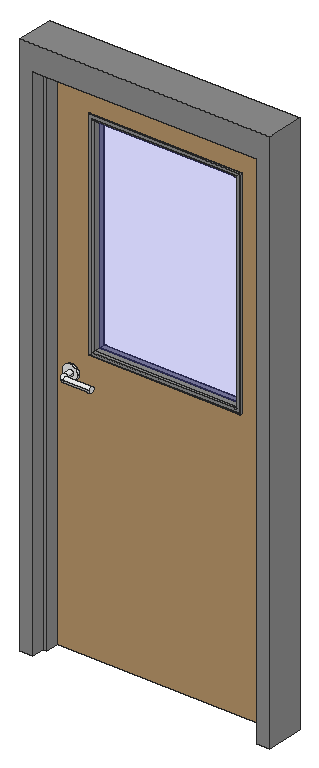
Revit family "M_Porta-Passagem-Única-Leve_Uma", category Portas, Revit 2019
Family settings
  Hospedeiro = Parede
  Número OmniClass = 23.30.10.00
  Título OmniClass = Doors
  Sempre na vertical = Sim
  Corte com vazios quando carregada = Não
  Compartilhado = Não
  Ponto de cálculo do ambiente = Não
Parameters
  Visual Light Transmittance = 0
  Espessura = 45 mm
  Resistência térmica (R) = 0.455703 (m²·K)/W
  Ângulo de abertura [instance] = 90.00°
  Altura do traçado = 1000 mm
  Solar Heat Gain Coefficient = 0
  Rough Width [instance] = Width + Largura da abertura MF  # 1000 mm
  Rough Height [instance] = Height + Altura da abertura MF  # 2200 mm
  Material do painel = Madeira - Bétula
  Moldura de alvenaria [instance] = yes
  Altura da abertura MF [instance] = if(Moldura de alvenaria, 100 mm, 30 mm)  # 100 mm
  Largura da abertura MF [instance] = if(Moldura de alvenaria, 100 mm, 60 mm)  # 100 mm
  Calcular inserção [instance] = if(Moldura de alvenaria, Inserção de alvenaria + 80 mm, 80 mm)  # 105 mm
  Inserção de alvenaria [instance] = 25 mm
  Height = 2100 mm
  Fechamento da parede = Por hospedeiro
  Width = 900 mm
  Coeficiente de transferência de calor (U) = 2.19465 W/(m²·K)
  Vidraça = Vidro
  Material de proteção de vidro = Metal - Acabamento de pintura - Cinza
  Função = Exterior
  Material da moldura = Metal - Acabamento de pintura - Cinza
  Profundidade da moldura de alvenaria = 150 mm
  Moldura de Dry Wall [instance] = not(Moldura de alvenaria)  # no
  Material da maçaneta = Alumín. 1
  Código de montagem = "B2030100"
  Construção analítica = "Madeira"
Reference planes
  plane 1 "Centro (Frente/Trás)": y = 0
  plane 2 "Centro (Esquerda/Direita)": x = 0
  plane 3 "Esquerda": x = -500
  plane 4 "Direita": x = 500
  plane 5 "Superior": z = 2200
  plane 6 "Exterior": y = 107.95
  plane 7 "Interior": y = -95.25
  plane 8 "Painel esquerdo da porta": x = -450
  plane 9 "Painel direito da porta": x = 450
  plane 10 "Topo do painel": z = 2100
  plane 11: z = 0
  plane 12: z = 0
  plane 13 "Traseira da porta": y = 37.95
  plane 14: z = 1000
  plane 15 "Frente da porta": y = 82.95
  plane 16: y = -67.05
  plane 17: y = 33.187
  plane 18: x = -434.125
  plane 19: y = -17.838
  plane 20: z = 2149.2
  plane 21: y = 187.95
  plane 22: z = 2150
  plane 23: x = 470.05
  plane 24: x = 519.05
  plane 25: y = 120.65
  plane 26: y = -107.95
  plane 27: x = 454.175
  plane 28: y = 33.187
  plane 29: y = -4.913
  plane 30: z = 1947.6
  plane 31: z = 1095.25
  plane 32: x = -297.6
  plane 33: x = 297.6
  plane 34: y = 63.625
  plane 35: y = 57.275
  plane 36: y = 60.45
  plane 37 "Vidro": y = 60.45
Forms (mm)
  Extrusion 1, solid, material "Madeira - Bétula" <- "Material do painel"
    sketch origin (0, 0, 0) x (1, 0, 0) y (0, 0, 1)
      loop
        line (450, 2100) -> (-450, 2100) -> (-450, 0) -> (450, 0) -> (450, 2100)
      loop
        line (297.6, 1947.6) -> (-297.6, 1947.6) -> (-297.6, 1095.25) -> (297.6, 1095.25) -> (297.6, 1947.6)
    from -82.95 to -37.95
  Sweep 2, solid, material "Metal - Acabamento de pintura - Cinza" <- "Material da moldura", visible <- "Moldura de alvenaria"
    path origin (0, 107.95, 0) x (1, 0, 0) y (0, 0, 1)
      loop
        line (500, 0) -> (500, 2150) -> (-500, 2150) -> (-500, 0)
    profile origin (-500, 107.95, 1075) x (0, -1, 0) y (1, 0, 0)
      loop
        line (25, 50) -> (25, 0) -> (175, 0) -> (175, 50) -> (125.787, 50) -> (125.787, 65.875) -> (74.762, 65.875) -> (74.762, 50) -> (25, 50)
  Extrusion 3, solid, material "Metal - Acabamento de pintura - Cinza" <- "Material da moldura", visible <- "Moldura de alvenaria"
    sketch origin (0, 0, 0) x (0, 1, 0) y (0, 0, 1)
      loop
        line (82.95, 2200) -> (-67.05, 2200) -> (-67.05, 2149.2) -> (82.95, 2149.2) -> (82.95, 2200)
    from -500 to 500
  Sweep 4, solid, material "Metal - Acabamento de pintura - Cinza" <- "Material da moldura", visible <- "Moldura de Dry Wall"
    path origin (0, 107.95, 0) x (1, 0, 0) y (0, 0, 1)
      loop
        line (500, 0) -> (500, 2200) -> (-500, 2200) -> (-500, 0)
    profile origin (500, 107.95, 1100) x (-1, 0, 0) y (0, -1, 0)
      loop
        line (-19.05, -12.7) -> (29.95, -12.7) -> (29.95, 74.762) -> (45.825, 74.762) -> (45.825, 112.862) -> (29.95, 112.862) -> (29.95, 215.9) -> (-19.05, 215.9) -> (-19.05, 203.2) -> (0, 203.2) -> (0, 0) -> (-19.05, 0) -> (-19.05, -12.7)
  Extrusion 5, solid, material "Vidro" <- "Vidraça"
    sketch origin (0, 60.45, 0) x (1, 0, 0) y (0, 0, 1)
      loop
        line (297.6, 1947.6) -> (-297.6, 1947.6) -> (-297.6, 1095.25) -> (297.6, 1095.25) -> (297.6, 1947.6)
    from -2.5 to 2.5
  Sweep 6, solid, material "Metal - Acabamento de pintura - Cinza" <- "Material de proteção de vidro", detail levels fine
    path origin (0, 82.95, 0) x (-1, 0, 0) y (0, 0, 1)
      loop
        line (-297.6, 1947.6) -> (-297.6, 1095.25) -> (297.6, 1095.25) -> (297.6, 1947.6) -> (-297.6, 1947.6)
    profile "Cantoneira de vidraça : Cantoneira de vidraça" origin (0, 82.95, 1947.6) x (0, 0, 1) y (0, 1, 0)
      loop
        line (0, 0) -> (8, 0) -> (8, 4)
        arc (8, 4) -> (7.414, 5.414) -> (6, 6) r 2
        line (6, 6) -> (-7, 6)
        arc (-7, 6) -> (-10.536, 4.536) -> (-12, 1) r 5
        line (-12, 1) -> (-12, -20) -> (0, -20) -> (0, 0)
  Sweep 7, solid, material "Metal - Acabamento de pintura - Cinza" <- "Material de proteção de vidro", detail levels fine
    path origin (0, 37.95, 0) x (-1, 0, 0) y (0, 0, 1)
      loop
        line (-297.6, 1095.25) -> (297.6, 1095.25) -> (297.6, 1947.6) -> (-297.6, 1947.6) -> (-297.6, 1095.25)
    profile "Cantoneira de vidraça : Cantoneira de vidraça" origin (0, 37.95, 1095.25) x (0, 0, 1) y (0, 1, 0)
      loop
        line (0, 0) -> (-8, 0) -> (-8, -4)
        arc (-8, -4) -> (-7.414, -5.414) -> (-6, -6) r 2
        line (-6, -6) -> (7, -6)
        arc (7, -6) -> (10.536, -4.536) -> (12, -1) r 5
        line (12, -1) -> (12, 20) -> (0, 20) -> (0, 0)
Cuts and joins
  joined: Sweep 2, Extrusion 3
Lines and regions (mm)
  Opening 1
    outline origin (-2286, -95.25, 0) x (1, 0, 0) y (0, 0, 1)
      loop
        line (1786, 0) -> (2786, 0) -> (2786, 2200) -> (1786, 2200) -> (1786, 0)
  Masking region 1, visible <- "Moldura de alvenaria", detail levels coarse+medium
    outline origin (0, 0, 0) x (1, 0, 0) y (0, 1, 0)
      loop
        line (-500, 82.95) -> (-500, -67.05) -> (-450, -67.05) -> (-450, 82.95) -> (-500, 82.95)
      loop
        line (500, 82.95) -> (450, 82.95) -> (450, -67.05) -> (500, -67.05) -> (500, 82.95)
  Masking region 2, visible <- "Moldura de alvenaria", detail levels fine
    outline origin (0, 0, 0) x (1, 0, 0) y (0, 1, 0)
      loop
        line (-500, 82.95) -> (-500, -67.05) -> (-450, -67.05) -> (-450, -17.838) -> (-434.125, -17.838) -> (-434.125, 33.187) -> (-450, 33.187) -> (-450, 82.95) -> (-500, 82.95)
      loop
        line (500, 82.95) -> (450, 82.95) -> (450, 33.187) -> (434.125, 33.187) -> (434.125, -17.838) -> (450, -17.838) -> (450, -67.05) -> (500, -67.05) -> (500, 82.95)
  Masking region 3, visible <- "Moldura de Dry Wall", detail levels coarse+medium
    outline origin (0, 0, 0) x (1, 0, 0) y (0, 1, 0)
      loop
        line (470.05, -95.25) -> (500, -95.25) -> (500, 107.95) -> (470.05, 107.95) -> (470.05, -95.25)
      loop
        line (-500, 107.95) -> (-500, -95.25) -> (-470.05, -95.25) -> (-470.05, 107.95) -> (-500, 107.95)
  Masking region 4, visible <- "Moldura de Dry Wall", detail levels fine
    outline origin (0, 0, 0) x (1, 0, 0) y (0, 1, 0)
      loop
        line (-519.05, 120.65) -> (-519.05, 107.95) -> (-500, 107.95) -> (-500, -95.25) -> (-519.05, -95.25) -> (-519.05, -107.95) -> (-470.05, -107.95) -> (-470.05, -4.913) -> (-454.175, -4.913) -> (-454.175, 33.187) -> (-470.05, 33.187) -> (-470.05, 120.65) -> (-519.05, 120.65)
      loop
        line (519.05, 107.95) -> (519.05, 120.65) -> (470.05, 120.65) -> (470.05, 33.187) -> (454.175, 33.187) -> (454.175, -4.913) -> (470.05, -4.913) -> (470.05, -107.95) -> (519.05, -107.95) -> (519.05, -95.25) -> (500, -95.25) -> (500, 107.95) -> (519.05, 107.95)
  symbolic lines, style "Giro da elevação"
    curve 1: line (-450, 107.95, 2100) -> (450, 107.95, 1050)
    curve 2: line (450, 107.95, 1050) -> (-450, 107.95, 0)
  symbolic lines, style "DoorsGlassProjection"
    curve 3: line (0, 60.45, 1947.6) -> (0, 60.45, 1095.25)
  model lines, style "DoorsGlassProjection"
    curve 4: line (297.6, 60.45, 1947.6) -> (297.6, 60.45, 1095.25)
    curve 5: line (-297.6, 60.45, 1947.6) -> (-297.6, 60.45, 1095.25)
Text (mm)
  text "Exterior" at (-1904.17, 693.701, 0), in view "Nível de referência"
  text "Interior" at (-1904.17, -638.649, 0), in view "Nível de referência"
  text "Exterior" at (0, 1019.848, 3124.603), in view "Direita"
  text "Interior" at (0, -1635.541, 3124.603), in view "Direita"
  text "Interior" at (0, -787.806, 3124.376), in view "Esquerda"
  text "Exterior" at (0, 1386.095, 3124.376), in view "Esquerda"
Dimensions and locks
  equal spacing: plane 3 "Esquerda", plane 2 "Centro (Esquerda/Direita)", plane 4 "Direita"
  "Rough Height": level to plane 5 "Superior"
  equal spacing: plane 8 "Painel esquerdo da porta", plane 2 "Centro (Esquerda/Direita)", plane 9 "Painel direito da porta"
  "Width": plane 8 "Painel esquerdo da porta" to plane 9 "Painel direito da porta"
  "Height": level to plane 10 "Topo do painel"
  plane 11 to plane 12 = 0 mm
  "Rough Width": plane 3 "Esquerda" to plane 4 "Direita"
  equal spacing: plane 12, curve 2, plane 10 "Topo do painel"
  "Espessura": plane 15 "Frente da porta" to plane 13 "Traseira da porta"
  "Profundidade da moldura de alvenaria": plane 15 "Frente da porta" to plane 16
  locked: plane 13 "Traseira da porta" to plane 17 at 4.763
  locked: plane 16 to plane 19 at 49.213
  locked: plane 8 "Painel esquerdo da porta" to plane 18 at 15.875
  locked: plane 20 to plane 5 "Superior" at 50.8
  locked: plane 6 "Exterior" to plane 21 at 80
  "Calcular inserção": plane 21 to plane 15 "Frente da porta"
  locked: plane 10 "Topo do painel" to plane 22 at 50
  locked: plane 4 "Direita" to plane 24 at 19.05
  locked: plane 6 "Exterior" to plane 25 at 12.7
  locked: plane 26 to plane 7 "Interior" at 12.7
  locked: plane 23 to plane 24 at 49
  plane 13 "Traseira da porta" to plane 28 to plane 29 = 4.762 mm locked, 38.1 mm locked
  locked: plane 27 to plane 23 at 15.875
  "Altura do traçado": plane 11 to plane 14
  locked: plane 30 to plane 10 "Topo do painel" at 152.4
  locked: plane 8 "Painel esquerdo da porta" to plane 32 at 152.4
  equal spacing: plane 15 "Frente da porta", plane 36, plane 13 "Traseira da porta"
  locked: plane 36 to plane 35 at 3.175
  locked: plane 34 to plane 36 at 3.175
  locked: plane 33 to plane 9 "Painel direito da porta" at 152.4
  locked: plane 14 to plane 31 at 95.25
  equal spacing: plane 15 "Frente da porta", curve 3, plane 13 "Traseira da porta"
  equal spacing: plane 15 "Frente da porta", plane 37 "Vidro", plane 13 "Traseira da porta"
  aligned and locked: plane 3 "Esquerda" to Opening 1 sketch curve
  aligned and locked: plane 5 "Superior" to Opening 1 sketch curve  (x2)
  aligned and locked: Opening 1 sketch curve to plane 4 "Direita"
  aligned and locked: Opening 1 sketch curve to level
  aligned and locked: plane 6 "Exterior" to host wall
  aligned and locked: plane 7 "Interior" to host wall
  aligned and locked: plane 11 to level
  aligned and locked: Extrusion 1 sketch curve to plane 10 "Topo do painel"
  aligned and locked: Extrusion 1 sketch curve to plane 8 "Painel esquerdo da porta"
  aligned and locked: plane 9 "Painel direito da porta" to Extrusion 1 sketch curve
  aligned and locked: Extrusion 1 sketch curve to plane 12
  aligned and locked: Extrusion 1 to plane 13 "Traseira da porta"
  aligned and locked: nested 1 to plane 9 "Painel direito da porta"
  aligned and locked: nested 2 to plane 8 "Painel esquerdo da porta"
  aligned and locked: nested 2 to plane 14
  aligned and locked: plane 8 "Painel esquerdo da porta" to nested 3
  aligned and locked: nested 3 to plane 13 "Traseira da porta"
  aligned and locked: plane 14 to nested 3
  aligned and locked: nested 1 to plane 15 "Frente da porta"
  aligned and locked: nested 2 to plane 15 "Frente da porta"
  aligned and locked: Extrusion 1 to nested 1
  aligned and locked: Sweep 2 sketch curve to plane 3 "Esquerda"  (x2)
  aligned and locked: plane 11 to Sweep 2 sketch curve  (x2)
  aligned and locked: plane 18 to Sweep 2 sketch curve
  aligned and locked: plane 8 "Painel esquerdo da porta" to Sweep 2 sketch curve  (x2)
  aligned and locked: plane 17 to Sweep 2 sketch curve
  aligned and locked: Sweep 2 sketch curve to plane 19
  aligned and locked: Sweep 2 sketch curve to plane 16
  aligned and locked: Sweep 2 sketch curve to plane 15 "Frente da porta"
  aligned and locked: Sweep 2 sketch curve to plane 4 "Direita"
  aligned and locked: plane 5 "Superior" to Extrusion 3 sketch curve
  aligned and locked: Extrusion 3 sketch curve to plane 16
  aligned and locked: Extrusion 3 sketch curve to plane 15 "Frente da porta"
  aligned and locked: plane 20 to Extrusion 3 sketch curve
  aligned and locked: cut or joined group of Sweep 2, Extrusion 3 to plane 4 "Direita"
  aligned and locked: plane 3 "Esquerda" to cut or joined group of Sweep 2, Extrusion 3
  aligned and locked: Masking region 1 sketch curve to plane 15 "Frente da porta"
  aligned and locked: plane 8 "Painel esquerdo da porta" to Masking region 1 sketch curve
  aligned and locked: Masking region 1 sketch curve to plane 16
  aligned and locked: Masking region 1 sketch curve to plane 3 "Esquerda"
  aligned and locked: plane 15 "Frente da porta" to Masking region 1 sketch curve
  aligned and locked: Masking region 1 sketch curve to plane 4 "Direita"
  aligned and locked: plane 9 "Painel direito da porta" to Masking region 1 sketch curve
  aligned and locked: plane 16 to Masking region 1 sketch curve
  aligned and locked: Masking region 2 sketch curve to plane 3 "Esquerda"
  aligned and locked: Masking region 2 sketch curve to plane 16
  aligned and locked: plane 8 "Painel esquerdo da porta" to Masking region 2 sketch curve  (x2)
  aligned and locked: Masking region 2 sketch curve to plane 15 "Frente da porta"
  aligned and locked: Masking region 2 sketch curve to cut or joined group of Sweep 2, Extrusion 3  (x4)
  aligned and locked: plane 15 "Frente da porta" to Masking region 2 sketch curve
  aligned and locked: Masking region 2 sketch curve to plane 4 "Direita"
  aligned and locked: plane 9 "Painel direito da porta" to Masking region 2 sketch curve  (x2)
  aligned and locked: plane 16 to Masking region 2 sketch curve
  aligned and locked: cut or joined group of Sweep 2, Extrusion 3 to Masking region 2 sketch curve  (x2)
  aligned and locked: plane 22 to Sweep 2 sketch curve
  aligned and locked: plane 4 "Direita" to Sweep 4 sketch curve
  aligned and locked: Sweep 4 sketch curve to plane 3 "Esquerda"
  aligned and locked: plane 24 to Sweep 4 sketch curve  (x2)
  aligned and locked: Sweep 4 sketch curve to plane 7 "Interior"
  aligned and locked: Sweep 4 sketch curve to plane 26
  aligned and locked: Sweep 4 sketch curve to plane 23  (x2)
  aligned and locked: Sweep 4 sketch curve to plane 29
  aligned and locked: plane 27 to Sweep 4 sketch curve
  aligned and locked: plane 28 to Sweep 4 sketch curve
  aligned and locked: Sweep 4 sketch curve to plane 25
  aligned and locked: plane 6 "Exterior" to Sweep 4 sketch curve
  aligned and locked: Sweep 4 sketch curve to plane 4 "Direita"
  aligned and locked: plane 5 "Superior" to Sweep 4 sketch curve
  aligned and locked: Masking region 3 sketch curve to plane 6 "Exterior"
  aligned and locked: plane 7 "Interior" to Masking region 3 sketch curve
  aligned and locked: Masking region 3 sketch curve to plane 4 "Direita"
  aligned and locked: Masking region 3 sketch curve to Sweep 4  (x2)
  aligned and locked: plane 6 "Exterior" to Masking region 3 sketch curve
  aligned and locked: Masking region 3 sketch curve to plane 3 "Esquerda"
  aligned and locked: Masking region 3 sketch curve to plane 7 "Interior"
  aligned and locked: Masking region 4 sketch curve to plane 3 "Esquerda"
  aligned and locked: Masking region 4 sketch curve to Sweep 4  (x13)
  aligned and locked: Masking region 4 sketch curve to plane 6 "Exterior"
  aligned and locked: plane 7 "Interior" to Masking region 4 sketch curve
  aligned and locked: Masking region 4 sketch curve to plane 4 "Direita"
  aligned and locked: Masking region 4 sketch curve to plane 7 "Interior"
  aligned and locked: Sweep 4 to Masking region 4 sketch curve  (x5)
  aligned and locked: plane 6 "Exterior" to Masking region 4 sketch curve
  aligned and locked: plane 11 to Sweep 4 sketch curve  (x2)
  aligned and locked: Extrusion 1 sketch curve to plane 30
  aligned and locked: Extrusion 1 sketch curve to plane 32
  aligned and locked: plane 31 to Extrusion 1 sketch curve
  aligned and locked: Extrusion 1 sketch curve to plane 33
  aligned and locked: Extrusion 5 sketch curve to plane 32
  aligned and locked: Extrusion 5 sketch curve to plane 33
  aligned and locked: Extrusion 5 sketch curve to plane 30
  aligned and locked: plane 31 to Extrusion 5 sketch curve
  aligned and locked: plane 31 to Sweep 6 sketch curve
  aligned and locked: Sweep 6 sketch curve to plane 32
  aligned and locked: Sweep 6 sketch curve to plane 30
  aligned and locked: Sweep 6 sketch curve to plane 33
  aligned and locked: Sweep 7 sketch curve to plane 30
  aligned and locked: Sweep 7 sketch curve to plane 31
  aligned and locked: Sweep 7 sketch curve to plane 32
  aligned and locked: plane 33 to Sweep 7 sketch curve
  aligned and locked: plane 31 to curve 3
  aligned and locked: plane 30 to curve 3
  aligned and locked: plane 30 to curve 5
  aligned and locked: plane 30 to curve 4
  aligned and locked: plane 31 to curve 5
  aligned and locked: plane 31 to curve 4
  aligned and locked: curve 4 to plane 33
  aligned and locked: curve 5 to plane 32
Automatic sketch dimensions
  curve 2 to level = 0 mm
  plane 8 "Painel esquerdo da porta" to curve 2 = 0 mm
  plane 8 "Painel esquerdo da porta" to curve 1 = 0 mm
  plane 9 "Painel direito da porta" to curve 2 = 0 mm
  curve 1 to plane 10 "Topo do painel" = 0 mm
Nested families
  nested 1: "Porta com abertura única" at (450, 82.95, 0), Ângulo de abertura <- "Ângulo de abertura", type "Único"
    with Abertura visível yes, Ângulo de abertura 90.00°, Ângulo real 90.00°
  nested 2: "M_Alavanca da maçaneta" at (-600, 82.95, 1000), type "Padrão", detail levels fine
  nested 3: "M_Alavanca da maçaneta" at (-600, 37.95, 1000), type "Padrão", detail levels fine
Definition of nested family "M_Alavanca da maçaneta"
  Parameters (values of type "Padrão")
    Material = none
    Distância Z da maçaneta = 0 mm
    Distância X da maçaneta = 75.009 mm
    Assembly Code = ""
    Analytic Construction = "<Nenhum>"
  Reference planes
    plane 1 "Centro (Frente/Trás)": y = 0
    plane 2: z = 0
    plane 3 "Centro (Esquerda/Direita)": x = 150
    plane 4: z = 0
    plane 5 "Maçaneta C/L": x = 225.009
  Forms (mm)
    Extrusion 1, solid, material <- "Material"
      sketch origin (300, 0, 0) x (1, 0, 0) y (0, 0, -1)
        loop
          circle (-77.491, 0) r 30
      from 0 to 8
    Sweep 2, solid, material <- "Material"
      path origin (0, 0, 0) x (0, -1, 0) y (1, 0, 0)
        loop
          line (-8, 225.009) -> (-38, 225.009)
          arc (-38, 225.009) -> (-48.607, 229.403) -> (-53, 240.009) r 15
          line (-53, 240.009) -> (-53, 345.009)
      profile origin (225.009, 23, 0) x (1, 0, 0) y (0, 0, 1)
        loop
          circle (0, 0) r 10
  Dimensions and locks
    "Distância Z da maçaneta": plane 4 to level
    Sweep 2 sketch curve to Sweep 2 sketch curve = 105 mm
    "Distância X da maçaneta": plane 5 "Maçaneta C/L" to plane 3 "Centro (Esquerda/Direita)"
    plane 5 "Maçaneta C/L" to Sweep 2 sketch curve = 120 mm
    aligned and locked: plane 4 to Extrusion 1 sketch curve
  Automatic sketch dimensions
    Sweep 2 sketch curve to profile plane = 0 mm  (x2)
    Sweep 2 sketch curve to plane 5 "Maçaneta C/L" = 0 mm
    Sweep 2 sketch curve to plane 1 "Centro (Frente/Trás)" = 53 mm
    Sweep 2 sketch curve to plane 1 "Centro (Frente/Trás)" = 8 mm
    Extrusion 1 sketch curve to plane 5 "Maçaneta C/L" = 2.5 mm
    radius of Sweep 2 sketch curve = 10 mm
    radius of Extrusion 1 sketch curve = 30 mm
Definition of nested family "Porta com abertura única"
  Parameters (values of type "Único")
    Width = 900 mm
    Thickness = 45 mm
    Abertura visível [instance] = Ângulo de abertura > 1.00°  # yes
    Ângulo de abertura [instance] = 45.00°
    Assembly Code = ""
    Analytic Construction = "<Nenhum>"
    Ângulo real [instance] = if(Ângulo de abertura < 1.00°, 1.00°, Ângulo de abertura)  # 45.00°
  Reference planes
    plane 1 "Centro (Frente/Trás)": y = 0
    plane 2: z = 0
    plane 3 "Centro (Esquerda/Direita)": x = 0
    plane 4: x = -900
  Lines and regions (mm)
    Masking region 1
      outline origin (0, 0, 0) x (-0.707107, 0.707107, 0) y (-0.707107, -0.707107, 0)
        loop
          line (0, 0) -> (900, 0) -> (900, 45) -> (0, 45) -> (0, 0)
    symbolic lines
      curve 1: line (0, 0, 0) -> (-900, 0, 0)
    symbolic lines, visible <- "Abertura visível"
      curve 2: arc (-900, 0, 0) -> (-831.492, 344.415, 0) -> (-636.396, 636.396, 0) r 900
    reference lines
      curve 3: line (0, 0, 0) -> (-636.396, 636.396, 0)
    model lines
      curve 4: line (0, 0, 0) -> (0, 0, 25.4)
  Dimensions and locks
    "Width": plane 4 to plane 3 "Centro (Esquerda/Direita)"
    locked: curve 2 to plane 3 "Centro (Esquerda/Direita)"
    locked: curve 2 to plane 1 "Centro (Frente/Trás)"
    "Width": curve 3 to curve 3
    "Thickness": Masking region 1 sketch curve to Masking region 1 sketch curve
    locked: curve 4 to plane 2 at 25.4
    "Width": radius of curve 2
    "Ângulo real": angle curve 2 to curve 2
    "Ângulo de abertura": angle curve 3 to plane 1 "Centro (Frente/Trás)"
    aligned and locked: curve 1 to plane 1 "Centro (Frente/Trás)"
    aligned and locked: plane 3 "Centro (Esquerda/Direita)" to curve 1
    aligned and locked: plane 3 "Centro (Esquerda/Direita)" to curve 3
    aligned and locked: plane 1 "Centro (Frente/Trás)" to curve 3
    aligned and locked: curve 3 to Masking region 1 sketch curve
    aligned and locked: Masking region 1 sketch curve to curve 3  (x2)
    aligned and locked: plane 3 "Centro (Esquerda/Direita)" to curve 4
    aligned and locked: plane 2 to curve 4
Types in the file's own list only (17): name | Transmissão de luz visual | Resistência térmica (R) | Coeficiente de ganho de calor solar | Altura | Largura | Coeficiente de transferência de calor (U)
  750 x 2000mm | 0 | 0.4557 (m²·K)/W | 0 | 2000 mm | 750 mm | 2.1946 W/(m²·K)
  750 x 2100mm | 0 | 0.4557 (m²·K)/W | 0 | 2100 mm | 750 mm | 2.1946 W/(m²·K)
  900 x 2000mm | 0 | 0.4557 (m²·K)/W | 0 | 2000 mm | 900 mm | 2.1946 W/(m²·K)
  900 x 2100mm | 0 | 0.4557 (m²·K)/W | 0 | 2100 mm | 900 mm | 2.1946 W/(m²·K)
  900 x 2200mm | 0 | 0.4557 (m²·K)/W | 0 | 2200 mm | 900 mm | 2.1946 W/(m²·K)
  900 x 2350mm | 0 | 0.4557 (m²·K)/W | 0 | 2350 mm | 900 mm | 2.1946 W/(m²·K)
  900 x 2400mm | 0 | 0.4557 (m²·K)/W | 0 | 2400 mm | 900 mm | 2.1946 W/(m²·K)
  1050 x 2000mm | 0 | 0.4557 (m²·K)/W | 0 | 2000 mm | 1050 mm | 2.1946 W/(m²·K)
  1050 x 2100mm | 0 | 0.4557 (m²·K)/W | 0 | 2100 mm | 1050 mm | 2.1946 W/(m²·K)
  1050 x 2200mm | 0 | 0.4557 (m²·K)/W | 0 | 2200 mm | 1050 mm | 2.1946 W/(m²·K)
  1050 x 2350mm | 0 | 0.4557 (m²·K)/W | 0 | 2350 mm | 1050 mm | 2.1946 W/(m²·K)
  1050 x 2400mm | 0 | 0.4557 (m²·K)/W | 0 | 2400 mm | 1050 mm | 2.1946 W/(m²·K)
  1200 x 2000mm | 0 | 0.4557 (m²·K)/W | 0 | 2000 mm | 1200 mm | 2.1946 W/(m²·K)
  1200 x 2100mm | 0 | 0.4557 (m²·K)/W | 0 | 2100 mm | 1200 mm | 2.1946 W/(m²·K)
  1200 x 2200mm | 0 | 0.4557 (m²·K)/W | 0 | 2200 mm | 1200 mm | 2.1946 W/(m²·K)
  1200 x 2350mm | 0 | 0.4557 (m²·K)/W | 0 | 2350 mm | 1200 mm | 2.1946 W/(m²·K)
  1200 x 2400mm | 0 | 0.4557 (m²·K)/W | 0 | 2400 mm | 1200 mm | 2.1946 W/(m²·K)
